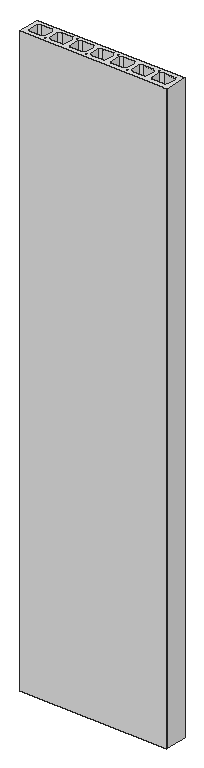
Revit family "ECP_MNLK-7550S6K", category Generic Models, Revit 2022
Family settings
  Can host rebar = No
  Round Connector Dimension = Use Diameter
  Part Type = Normal
  Work Plane-Based = No
  Always vertical = Yes
  Cut with Voids When Loaded = Yes
  Maintain Annotation Orientation = No
  Shared = No
  Room Calculation Point = No
Parameters (values of type "ECP_MNLK-7550S6K")
  長さ [instance] = 2000 mm
  穴表示 = yes
  材質 = 40Msr_ECP
  Default Elevation = 0 mm
  既存長さ = 510 mm
  幅 [instance] = 500 mm
  固定寸法 = 500 mm
  厚さ = 75 mm
  メースカット非表示 = yes
  メースカット [instance] = 既存長さ - 幅 - 10 mm  # 0 mm
  オースカット非表示 = no
  オースカット = 0 mm
Reference planes
  plane 1 "中心(正面/背面)": y = 0
  plane 2: z = 0
  plane 3 "中心(左/右)": x = 0
  plane 4: y = -37.5
  plane 5: y = 37.5
  plane 6: z = 2000
  plane 7: x = 500
Forms (mm)
  Extrusion 1, solid, material "40Msr_ECP" <- "材質", detail levels fine
    sketch origin (0, 0, 0) x (1, 0, 0) y (0, 1, 0)
      loop
        line (0, -35.5) -> (2, -37.5) -> (498, -37.5) -> (500, -35.5) -> (500, 35.5) -> (498, 37.5) -> (2, 37.5) -> (0, 35.5) -> (0, -35.5)
    from 0 to 2000
  Extrusion 2, void
    sketch origin (-50, 0, 0) x (1, 0, 0) y (0, 1, 0)
      loop
        line (550, -37.5) -> (560, -37.5) -> (560, 37.5) -> (550, 37.5) -> (550, -37.5)
    from 0 to 2000
  Extrusion 3, void
    sketch origin (-617, 0, 0) x (1, 0, 0) y (0, 1, 0)
      loop
        line (640, -23.5) -> (678.5, -23.5) -> (686.5, -15.5) -> (686.5, 15.5)
        arc (686.5, 15.5) -> (684.157, 21.157) -> (678.5, 23.5) r 8
        line (678.5, 23.5) -> (640, 23.5)
        arc (640, 23.5) -> (634.343, 21.157) -> (632, 15.5) r 8
        line (632, 15.5) -> (632, -15.5)
        arc (632, -15.5) -> (634.343, -21.157) -> (640, -23.5) r 8
      loop
        line (709.5, -23.5) -> (747.7, -23.5)
        arc (747.7, -23.5) -> (753.357, -21.157) -> (755.7, -15.5) r 8
        line (755.7, -15.5) -> (755.7, 15.5) -> (747.7, 23.5) -> (709.5, 23.5)
        arc (709.5, 23.5) -> (703.843, 21.157) -> (701.5, 15.5) r 8
        line (701.5, 15.5) -> (701.5, -15.5) -> (709.5, -23.5)
      loop
        line (778.7, -23.5) -> (816.9, -23.5) -> (824.9, -15.5) -> (824.9, 15.5)
        arc (824.9, 15.5) -> (822.557, 21.157) -> (816.9, 23.5) r 8
        line (816.9, 23.5) -> (778.7, 23.5) -> (770.7, 15.5) -> (770.7, -15.5)
        arc (770.7, -15.5) -> (773.043, -21.157) -> (778.7, -23.5) r 8
      loop
        line (847.9, -23.5) -> (886.1, -23.5)
        arc (886.1, -23.5) -> (891.757, -21.157) -> (894.1, -15.5) r 8
        line (894.1, -15.5) -> (894.1, 15.5) -> (886.1, 23.5) -> (847.9, 23.5)
        arc (847.9, 23.5) -> (842.243, 21.157) -> (839.9, 15.5) r 8
        line (839.9, 15.5) -> (839.9, -15.5) -> (847.9, -23.5)
      loop
        line (917.1, 23.5) -> (909.1, 15.5) -> (909.1, -15.5)
        arc (909.1, -15.5) -> (911.443, -21.157) -> (917.1, -23.5) r 8
        line (917.1, -23.5) -> (955.3, -23.5) -> (963.3, -15.5) -> (963.3, 15.5)
        arc (963.3, 15.5) -> (960.957, 21.157) -> (955.3, 23.5) r 8
        line (955.3, 23.5) -> (917.1, 23.5)
      loop
        arc (986.3, 23.5) -> (980.643, 21.157) -> (978.3, 15.5) r 8
        line (978.3, 15.5) -> (978.3, -15.5) -> (986.3, -23.5) -> (1024.5, -23.5)
        arc (1024.5, -23.5) -> (1030.157, -21.157) -> (1032.5, -15.5) r 8
        line (1032.5, -15.5) -> (1032.5, 15.5) -> (1024.5, 23.5) -> (986.3, 23.5)
      loop
        line (1055.5, 23.5) -> (1047.5, 15.5) -> (1047.5, -15.5)
        arc (1047.5, -15.5) -> (1049.843, -21.157) -> (1055.5, -23.5) r 8
        line (1055.5, -23.5) -> (1093.7, -23.5)
        arc (1093.7, -23.5) -> (1099.357, -21.157) -> (1101.7, -15.5) r 8
        line (1101.7, -15.5) -> (1101.7, 15.5)
        arc (1101.7, 15.5) -> (1099.357, 21.157) -> (1093.7, 23.5) r 8
        line (1093.7, 23.5) -> (1055.5, 23.5)
      loop
        circle (694, -23.5) r 1.3
      loop
        circle (763.2, 23.5) r 1.3
      loop
        circle (832.4, -23.5) r 1.3
      loop
        circle (901.6, 23.5) r 1.3
      loop
        circle (970.8, -23.5) r 1.3
      loop
        circle (1040, 23.5) r 1.3
    from 0 to 2000
Cuts and joins
  Extrusion 2, Extrusion 3 cuts Extrusion 1
Lines and regions (mm)
  symbolic lines, style "ECPパネル", detail levels coarse+medium
    curve 1: line (0, 37.5, 0) -> (500, 37.5, 0)
    curve 2: line (0, -37.5, 0) -> (0, 37.5, 0)
    curve 3: line (500, -37.5, 0) -> (0, -37.5, 0)
    curve 4: line (500, 37.5, 0) -> (500, -37.5, 0)
    curve 5: line (0, 0, 0) -> (500, 0, 0)
    curve 6: line (0, 0, 2000) -> (0, 0, 0)
    curve 7: line (500, 0, 2000) -> (0, 0, 2000)
    curve 8: line (500, 0, 0) -> (500, 0, 2000)
    curve 9: line (0, -37.5, 2000) -> (0, 37.5, 2000)
    curve 10: line (0, -37.5, 0) -> (0, -37.5, 2000)
    curve 11: line (0, 37.5, 0) -> (0, -37.5, 0)
    curve 12: line (0, 37.5, 2000) -> (0, 37.5, 0)
  model lines, detail levels coarse+medium
    curve 13: line (0, 8, 0) -> (0, -8, 0)
Dimensions and locks
  "厚さ": plane 4 to plane 5
  "長さ": plane 6 to level
  equal spacing: plane 4, plane 1 "中心(正面/背面)", plane 5
  "既存長さ": plane 3 "中心(左/右)" to Extrusion 2
  "長さ": cut or joined group of Extrusion 1, Extrusion 2, Extrusion 3 to level
  "長さ": Extrusion 2 to level
  "幅": cut or joined group of Extrusion 1, Extrusion 2, Extrusion 3 to curve 8
  "長さ": level to Extrusion 3
  "固定寸法": plane 3 "中心(左/右)" to cut or joined group of Extrusion 1, Extrusion 2, Extrusion 3
  "幅": plane 3 "中心(左/右)" to plane 7
  "メースカット": Extrusion 2 sketch curve to cut or joined group of Extrusion 1, Extrusion 2, Extrusion 3
  aligned and locked: level to plane 2
Automatic sketch dimensions
  curve 11 to level = 0 mm
  curve 11 to plane 4 = 0 mm
  curve 11 to plane 5 = 0 mm
  curve 10 to plane 6 = 0 mm
  curve 7 to plane 3 "中心(左/右)" = 0 mm
  curve 7 to plane 6 = 0 mm
  curve 8 to level = 0 mm
  Extrusion 1 sketch curve to plane 3 "中心(左/右)" = 0 mm
  plane 4 to Extrusion 1 sketch curve = 0 mm
  plane 5 to Extrusion 1 sketch curve = 0 mm
  plane 3 "中心(左/右)" to Extrusion 1 sketch curve = 2 mm  (x2)
  Extrusion 1 sketch curve to plane 4 = 2 mm  (x2)
  plane 5 to Extrusion 1 sketch curve = 2 mm  (x2)
  Extrusion 1 sketch curve to Extrusion 1 sketch curve = 2 mm
  Extrusion 1 sketch curve to Extrusion 1 sketch curve = 0 mm
  Extrusion 1 sketch curve to Extrusion 1 sketch curve = 496 mm
  plane 4 to Extrusion 2 sketch curve = 0 mm
  plane 5 to Extrusion 2 sketch curve = 0 mm
  plane 3 "中心(左/右)" to Extrusion 3 sketch curve = 15 mm
  Extrusion 3 sketch curve to Extrusion 3 sketch curve = 8 mm  (x33)
  Extrusion 3 sketch curve to plane 4 = 14 mm  (x9)
  Extrusion 3 sketch curve to Extrusion 3 sketch curve = 38.5 mm  (x2)
  Extrusion 3 sketch curve to Extrusion 3 sketch curve = 7.5 mm  (x9)
  Extrusion 3 sketch curve to Extrusion 3 sketch curve = 15 mm  (x3)
  plane 1 "中心(正面/背面)" to Extrusion 3 sketch curve = 15.5 mm  (x2)
  Extrusion 3 sketch curve to Extrusion 3 sketch curve = 38.2 mm  (x8)
  plane 5 to Extrusion 3 sketch curve = 14 mm  (x3)
  Extrusion 3 sketch curve to plane 1 "中心(正面/背面)" = 15.5 mm  (x7)
  Extrusion 3 sketch curve to Extrusion 3 sketch curve = 0 mm  (x3)
  curve 1 to plane 3 "中心(左/右)" = 0 mm
  curve 13 to plane 3 "中心(左/右)" = 0 mm
  plane 4 to curve 4 = 0 mm
  curve 4 to plane 7 = 0 mm
  plane 5 to curve 1 = 0 mm
  plane 1 "中心(正面/背面)" to curve 13 = 8 mm
  curve 13 to plane 1 "中心(正面/背面)" = 8 mm
  plane 7 to Extrusion 2 sketch curve = 10 mm
  radius of Extrusion 3 sketch curve = 1.3 mm  (x6)
